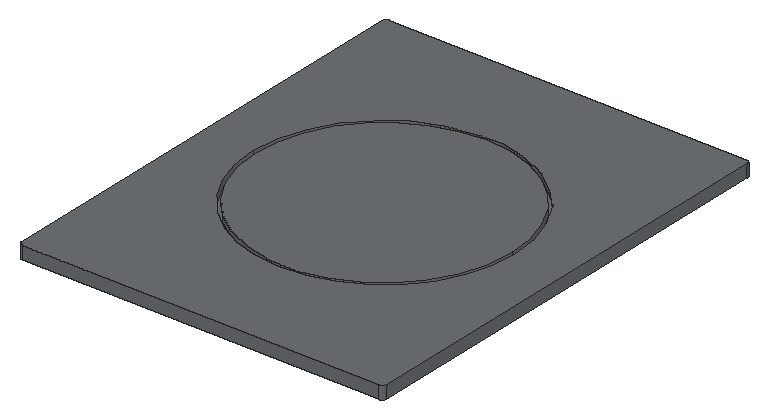
Revit family "Grohe_FlushPlate_SpaPremium_104645KF00", category Plumbing Fixtures, host Face, Revit 2022
Family settings
  Host = Face
  Round Connector Dimension = Use Diameter
  Part Type = Normal
  Cut with Voids When Loaded = No
  Maintain Annotation Orientation = No
  Shared = No
  Room Calculation Point = No
Parameters (values of type "SPA Flush Plate (104645KF00)")
  _ObjectUserGuide = "https://www.bimstore.co/products/spa-flush-plate-104645KF00/document/object-user-guide"
  _DistributedBy = "https://www.bimstore.co/"
  _CurrentRevision = 1
  _CreatedBy = "https://www.bimstore.co/"
  _BimSpecGuid = 0
  _BSBibleVersion = 17
  _AuthorizedBy = "bimstore"
  _Author = "AM 191"
  Waste Connection = no
  WarrantyStartDate [instance] = "Please Record on Commissioning"
  WarrantyGuarantorParts = "info-uk@grohe.com"
  WarrantyGuarantorLabor = "info-uk@grohe.com"
  WarrantyDurationUnit = "Years"
  WarrantyDurationParts = "0"
  WarrantyDurationLabor = "0"
  WarrantyDescription = "n/a"
  Vent Connection = no
  URL = "https://www.grohe.co.uk/"
  TypeName = "SPA Flush Plate"
  Type Comments = "SPA Flush Plate"
  TPIDocumentLink = "https://cdn.cloud.grohe.com/tpi/2000/2200/2220/2226/2226057/original/2226057.pdf"
  SustainabilityReport = "green.grohe.com/reporting"
  SustainabilityAward = "green.grohe.com/awards"
  SpareParts = "info-uk@grohe.com"
  Size = "n/a"
  Shape = "n/a"
  SerialNumber [instance] = "Please Record on Commissioning"
  ReplacementCost = "n/a"
  ReferencedStandard = "n/a"
  ProductionYear = "2024"
  ProductType = "n/a"
  ProductShortText = "Flush plate with soft touch actuation"
  ProductNumber = "104645KF00"
  ProductDescription = "for dual flush actuation\r\nfor pneumatic discharge valve AV1\r\nvertical installation\r\n160 x 201 mm\r\nmaterial: ABS\r\nGROHE Long-Life finish\r\nGROHE Water Saving - Less water, perfect flow\r\nfor combination with Rapid SL and Uniset with GD 2 cistern, slim cistern and 80 mm cistern\r\ncompatible with auto flush of Sensia Arena, Sensia Pro and Hygiena\r\n6 V lithium battery, type CR-P2\r\nbattery lifetime: 4 years for a 3 person household (approx. 17000 actuations)\r\nbattery status warning\r\nauto flush\r\ncleaning mode\r\nfor mains supply please order transformer 42 470 000"
  PrimaryMaterial = Grohe_Anthracite
  PQDiagramLink = "n/a"
  NominalLength = 0 mm
  NominalHeight = 0 mm
  NominalDepth = 0 mm
  NBSReference = "90-15-35/470"
  NBSOfficeMasterTag = "n/a"
  NBSObjectName = "Grohe - Flush control devices"
  NBSNote = "n/a"
  NBSDescription = "Flush control devices"
  ModelReference = "SPA Flush Plate"
  ModelNumber = "104645KF00"
  Model = "104645KF00"
  Material = "n/a"
  ManufacturerName = "Grohe"
  Manufacturer = "Grohe"
  Keynote = "N13"
  InstallationDate [instance] = "Please Record on Commissioning"
  IfcExportType = "IfcPipeFittingType"
  IfcExportAs = "IfcPipeFitting"
  HW Connection = no
  Grade = "n/a"
  GROHESustainability = "green.grohe.com"
  GROHESocialCommittment = "green.grohe.com/social_engagement"
  FullRecyclabilityOfPlastic = "All plastic components are fully recycable"
  Finish = "n/a"
  Features = "n/a"
  ExpectedLife = 0
  Ecojoy = no
  EF023752 = "true"
  EF023751 = "true"
  EF020828 = "false"
  EF020827 = "true"
  EF010109 = "false"
  EF006949 = "Pneumatic"
  EF006331 = "false"
  EF002169 = "Plastic"
  EF002147 = "Two button"
  EF001438 = "51"
  EF000040 = "201"
  EF000008 = "160"
  EF000007 = "Anthracite"
  DurationUnit = "Years"
  DocumentationTechnical = "https://www.bimstore.co/products/spa-flush-plate-104645KF00/document/technical-data-sheet"
  DocumentationMaintenance = "https://www.bimstore.co/products/spa-flush-plate-104645KF00/document/maintenance-information"
  DocumentationLiterature = "https://www.bimstore.co/products/spa-flush-plate-104645KF00/document/product-literature"
  DocumentationInstallationGuide = "https://www.bimstore.co/products/spa-flush-plate-104645KF00/document/installation-guide"
  DocumentationCertificates = "https://www.bimstore.co/products/spa-flush-plate-104645KF00/document/product-certificates"
  DimensionsDocumentLink = "https://cdn.cloud.grohe.com/dimdraw/100000/100000/100000/100300/100360/100365/100365178/1280/100365178.jpg"
  Description = "SPA Flush Plate"
  Default Elevation = 0 mm
  CreatedOn = "2024-09-04T:09:00:00"
  CreatedBy = "info-uk@grohe.com"
  CradleToCradleCertification = "n/a"
  Cost = 0
  Constituents = "n/a"
  Color = "Anthracite"
  CodePerformance = "n/a"
  ClassificationValue = "Pr_75_50_46_31"
  ClassificationName = "Uniclass2015"
  CW Connection = no
  CO2NeutralProduction = "GROHE is one of the first leading manufacturer within the sanitary industry having a CO2-neutral production."
  BarCode [instance] = "Please Record on Commissioning"
  BIMObjectName = "Grohe_FlushPlate_SpaPremium_104645KF00"
  AssetType = "Fixed"
  AssetIdentifier [instance] = "n/a"
  Assembly Code = ""
  AccessibilityPerformance = "n/a"
Reference planes
  plane 1 "Center (Front/Back)": y = 0
  plane 2: z = 0
  plane 3 "Center (Left/Right)": x = 0
Forms (mm)
  Extrusion 1, solid, material "Grohe_Anthracite" <- "PrimaryMaterial"
    sketch origin (0, 0, 0) x (1, 0, 0) y (0, 1, 0)
      loop
        line (78, 100.5) -> (-78, 100.5)
        arc (-78, 100.5) -> (-79.414, 99.914) -> (-80, 98.5) r 2
        line (-80, 98.5) -> (-80, -98.5)
        arc (-80, -98.5) -> (-79.414, -99.914) -> (-78, -100.5) r 2
        line (-78, -100.5) -> (78, -100.5)
        arc (78, -100.5) -> (79.414, -99.914) -> (80, -98.5) r 2
        line (80, -98.5) -> (80, 98.5)
        arc (80, 98.5) -> (79.414, 99.914) -> (78, 100.5) r 2
      loop
        circle (0, 0) r 57.501
      loop
        circle (0, 0) r 56
    from 0 to 5.5
  Extrusion 2, solid, material "Grohe_Anthracite" <- "PrimaryMaterial"
    sketch origin (0, 0, 0) x (1, 0, 0) y (0, 1, 0)
      loop
        circle (0, 0) r 57.501
    from 0 to 2.75
Cuts and joins
  joined: Extrusion 1, Extrusion 2
Dimensions and locks
  aligned and locked: plane 2 to host face
  aligned and locked: level to host face
